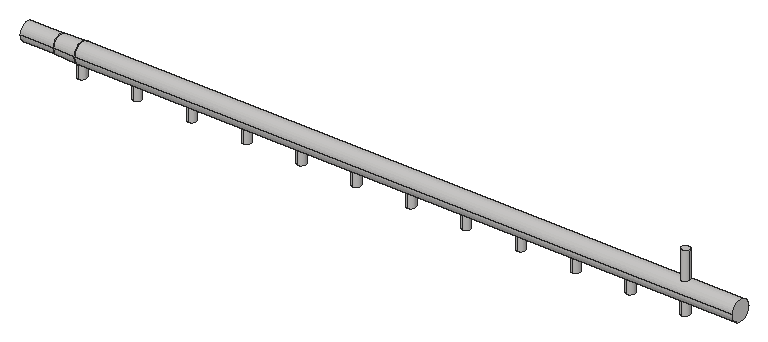
Revit family "BIMLIB_Коллектор_867_12_РОСТерм", category Оборудование, Revit 2017
Family settings
  Размер круглого соединителя = Использовать диаметр
  Тип детали = Нормальный
  На основе рабочей плоскости = Нет
  Всегда вертикально = Да
  При загрузке вырезать с полостями = Нет
  Общий = Нет
  Точка расчета площади = Нет
Parameters (values of type "Коллектор HEIZEN 867 для систем отопления сварной Ду32 на 12 выходов")
  РТ_Шаг = 100 mm
  РТ_l = 100 mm  # constant formula
  РТ_R1 = 18 mm
  РТ_R_низ = РТ_DN_низ / 2  # 7.5 mm
  РТ_DN3 = 15 mm  # constant formula
  Описание = "Коллекторы Heizen изготовлены из высококачественной латуни и нержавеющей стали, что исключает риск протечек. Коллекторы могут быть оснащены различными видами арматуры: ручными балансировочными клапанами,ручными запорными клапанами, термостатическими клапанами, расходомерами, воздухоотводчиками и дренажными кранами."
  РТ_DN_низ = 15 mm  # constant formula
  РТ_DN_бок = 32 mm
  Изготовитель = "РОСТерм"  # constant formula
  URL = "http://rostherm.ru/"
  RT_R2 = РТ_DN_бок / 2  # 16 mm
  BL_Разработано = "support@bimlib.ru"  # constant formula
  BL_Email = "rostherm@bimlib.ru"  # constant formula
  BL_BIM library = "https://bimlib.pro/manufacturer/rosterm/1632/"
  ADSK_Расход жидкости [instance] = 0.0 L/s
  ADSK_Примечание = ""
  ADSK_Позиция = ""
  ADSK_Обозначение = "ГОСТ 12.2.063-2015"  # constant formula
  ADSK_Наименование краткое = "HEIZEN 867 Ду32"
  ADSK_Наименование = "Коллектор HEIZEN 867 для систем отопления сварной Ду32 на 12 выходов"
  ADSK_Материал = BIMLIB_Нержавеющая_сталь_РОСТерм
  ADSK_Масса_Текст = ""
  ADSK_Масса = 0
  ADSK_Марка = "HEIZEN 867"  # constant formula
  ADSK_Код изделия = "867-32-10-12"
  ADSK_Завод-изготовитель = "Heizen"  # constant formula
  ADSK_Единица измерения = "шт."  # constant formula
  ADSK_Версия Revit = "2017"  # constant formula
  ADSK_URL страницы изделия = "http://rostherm.ru/kollektory/"
  ADSK_URL документации изделия = "http://rostherm.ru/"
Types (3, lengths in mm): name | РТ_R1 | РТ_DN_бок | RT_R2 | ADSK_Наименование краткое | ADSK_Наименование | ADSK_Код изделия
  Коллектор HEIZEN 867 для систем отопления сварной Ду50 на 12 выходов | 27 | 50 | 25 | "HEIZEN 867 Ду50" | "Коллектор HEIZEN 867 для систем отопления сварной Ду50 на 12 выходов" | "867-50-10-12"
  Коллектор HEIZEN 867 для систем отопления сварной Ду40 на 12 выходов | 22 | 40 | 20 | "HEIZEN 867 Ду40" | "Коллектор HEIZEN 867 для систем отопления сварной Ду40 на 12 выходов" | "867-40-10-12"
  Коллектор HEIZEN 867 для систем отопления сварной Ду32 на 12 выходов | 18 | 32 | 16 | "HEIZEN 867 Ду32" | "Коллектор HEIZEN 867 для систем отопления сварной Ду32 на 12 выходов" | "867-32-10-12"
Reference planes
  plane 1 "По центру (Вперед/Назад)": y = 0
  plane 2: z = 0
  plane 3 "По центру (Влево/Вправо)": x = 0
  plane 4: x = 100
  plane 5: x = 60
Forms (mm)
  Extrusion 1, solid, material "BIMLIB_Нержавеющая_сталь_РОСТерм" <- "ADSK_Материал", detail levels medium+fine
    sketch origin (65, 0, 0) x (0, 1, 0) y (0, 0, 1)
      loop
        circle (0, 0) r 18
    from 35 to 1235.372
  Sweep 2, solid, material "BIMLIB_Нержавеющая_сталь_РОСТерм" <- "ADSK_Материал", detail levels medium+fine
    path origin (65, 0, 7.5) x (1, 0, 0) y (0, 0, 1)
      loop
        line (35, -7.5) -> (35, -47.5)
    profile origin (100, 0, -20) x (0, -1, 0) y (1, 0, 0)
      loop
        circle (0, 0) r 7.5
  Blend 3, solid, material "BIMLIB_Нержавеющая_сталь_РОСТерм" <- "ADSK_Материал", detail levels medium+fine
    base sketch origin (50, 0, 0) x (0, 1, 0) y (0, 0, 1)
      loop
        circle (0, 0) r 18
    top sketch origin (50, 0, 0) x (0, 1, 0) y (0, 0, 1)
      loop
        circle (0, 0) r 16
    from 50 to 10
  Extrusion 4, solid, material "BIMLIB_Нержавеющая_сталь_РОСТерм" <- "ADSK_Материал", detail levels medium+fine
    sketch origin (50, 0, 0) x (0, 1, 0) y (0, 0, 1)
      loop
        circle (0, 0) r 16
    from -50 to 10
  Sweep 5, solid, material "BIMLIB_Нержавеющая_сталь_РОСТерм" <- "ADSK_Материал", detail levels medium+fine
    path origin (165, 0, 7.5) x (1, 0, 0) y (0, 0, 1)
      loop
        line (35, -7.5) -> (35, -47.5)
    profile origin (200, 0, -20) x (0, -1, 0) y (1, 0, 0)
      loop
        circle (0, 0) r 7.5
  Sweep 6, solid, material "BIMLIB_Нержавеющая_сталь_РОСТерм" <- "ADSK_Материал", detail levels medium+fine
    path origin (265, 0, 7.5) x (1, 0, 0) y (0, 0, 1)
      loop
        line (35, -7.5) -> (35, -47.5)
    profile origin (300, 0, -20) x (0, -1, 0) y (1, 0, 0)
      loop
        circle (0, 0) r 7.5
  Sweep 7, solid, material "BIMLIB_Нержавеющая_сталь_РОСТерм" <- "ADSK_Материал", detail levels medium+fine
    path origin (365, 0, 7.5) x (1, 0, 0) y (0, 0, 1)
      loop
        line (35, -7.5) -> (35, -47.5)
    profile origin (400, 0, -20) x (0, -1, 0) y (1, 0, 0)
      loop
        circle (0, 0) r 7.5
  Sweep 8, solid, material "BIMLIB_Нержавеющая_сталь_РОСТерм" <- "ADSK_Материал", detail levels medium+fine
    path origin (465, 0, 7.5) x (1, 0, 0) y (0, 0, 1)
      loop
        line (35, -7.5) -> (35, -47.5)
    profile origin (500, 0, -20) x (0, -1, 0) y (1, 0, 0)
      loop
        circle (0, 0) r 7.5
  Sweep 9, solid, material "BIMLIB_Нержавеющая_сталь_РОСТерм" <- "ADSK_Материал", detail levels medium+fine
    path origin (565, 0, 7.5) x (1, 0, 0) y (0, 0, 1)
      loop
        line (35, -7.5) -> (35, -47.5)
    profile origin (600, 0, -20) x (0, -1, 0) y (1, 0, 0)
      loop
        circle (0, 0) r 7.5
  Sweep 10, solid, material "BIMLIB_Нержавеющая_сталь_РОСТерм" <- "ADSK_Материал", detail levels medium+fine
    path origin (665, 0, 7.5) x (1, 0, 0) y (0, 0, 1)
      loop
        line (35, -7.5) -> (35, -47.5)
    profile origin (700, 0, -20) x (0, -1, 0) y (1, 0, 0)
      loop
        circle (0, 0) r 7.5
  Sweep 11, solid, material "BIMLIB_Нержавеющая_сталь_РОСТерм" <- "ADSK_Материал", detail levels medium+fine
    path origin (765, 0, 7.5) x (1, 0, 0) y (0, 0, 1)
      loop
        line (35, -7.5) -> (35, -47.5)
    profile origin (800, 0, -20) x (0, -1, 0) y (1, 0, 0)
      loop
        circle (0, 0) r 7.5
  Sweep 12, solid, material "BIMLIB_Нержавеющая_сталь_РОСТерм" <- "ADSK_Материал", detail levels medium+fine
    path origin (865, 0, 7.5) x (1, 0, 0) y (0, 0, 1)
      loop
        line (35, -7.5) -> (35, -47.5)
    profile origin (900, 0, -20) x (0, -1, 0) y (1, 0, 0)
      loop
        circle (0, 0) r 7.5
  Sweep 13, solid, material "BIMLIB_Нержавеющая_сталь_РОСТерм" <- "ADSK_Материал", detail levels medium+fine
    path origin (965, 0, 7.5) x (1, 0, 0) y (0, 0, 1)
      loop
        line (35, -7.5) -> (35, -47.5)
    profile origin (1000, 0, -20) x (0, -1, 0) y (1, 0, 0)
      loop
        circle (0, 0) r 7.5
  Sweep 14, solid, material "BIMLIB_Нержавеющая_сталь_РОСТерм" <- "ADSK_Материал", detail levels medium+fine
    path origin (1065, 0, 7.5) x (1, 0, 0) y (0, 0, 1)
      loop
        line (35, -7.5) -> (35, -47.5)
    profile origin (1100, 0, -20) x (0, -1, 0) y (1, 0, 0)
      loop
        circle (0, 0) r 7.5
  Sweep 15, solid, material "BIMLIB_Нержавеющая_сталь_РОСТерм" <- "ADSK_Материал", detail levels medium+fine
    path origin (1165, 0, 7.5) x (1, 0, 0) y (0, 0, 1)
      loop
        line (35, -7.5) -> (35, -47.5)
    profile origin (1200, 0, -20) x (0, -1, 0) y (1, 0, 0)
      loop
        circle (0, 0) r 7.5
  Extrusion 16, solid, material "BIMLIB_Нержавеющая_сталь_РОСТерм" <- "ADSK_Материал", detail levels medium+fine
    sketch origin (0, 0, 0) x (1, 0, 0) y (0, 1, 0)
      loop
        circle (1200.496, 0) r 7.5
    from 0 to 66.288
Cuts and joins
  joined: Extrusion 1, Extrusion 16
Lines and regions (mm)
  model lines, detail levels coarse
    curve 1: line (0, 0, 0) -> (1235, 0, 0)
    curve 2: line (100, 0, 0) -> (100, 0, -40)
    curve 3: line (200, 0, 0) -> (200, 0, -40)
    curve 4: line (300, 0, 0) -> (300, 0, -40)
    curve 5: line (400, 0, 0) -> (400, 0, -40)
    curve 6: line (500, 0, 0) -> (500, 0, -40)
    curve 7: line (600, 0, 0) -> (600, 0, -40)
    curve 8: line (700, 0, 0) -> (700, 0, -40)
    curve 9: line (800, 0, 0) -> (800, 0, -40)
    curve 10: line (900, 0, 0) -> (900, 0, -40)
    curve 11: line (1000, 0, 0) -> (1000, 0, -40)
    curve 12: line (1100, 0, 0) -> (1100, 0, -40)
    curve 13: line (1200, 0, 0) -> (1200, 0, -40)
Dimensions and locks
  "РТ_l": plane 4 to plane 3 "По центру (Влево/Вправо)"
  Sweep 2 sketch curve to Sweep 2 sketch curve = 40 mm
  locked: plane 4 to plane 5 at 40
  Sweep 5 sketch curve to Sweep 5 sketch curve = 40 mm
  equal spacing: group 1, group 13, group 14, group 15, group 16, group 17, group 18, group 19, group 20, group 21, group 22, group 23  (x3)
  Sweep 6 sketch curve to Sweep 6 sketch curve = 40 mm
  Sweep 7 sketch curve to Sweep 7 sketch curve = 40 mm
  Sweep 8 sketch curve to Sweep 8 sketch curve = 40 mm
  Sweep 9 sketch curve to Sweep 9 sketch curve = 40 mm
  Sweep 10 sketch curve to Sweep 10 sketch curve = 40 mm
  Sweep 11 sketch curve to Sweep 11 sketch curve = 40 mm
  Sweep 12 sketch curve to Sweep 12 sketch curve = 40 mm
  Sweep 13 sketch curve to Sweep 13 sketch curve = 40 mm
  Sweep 14 sketch curve to Sweep 14 sketch curve = 40 mm
  Sweep 15 sketch curve to Sweep 15 sketch curve = 40 mm
  "РТ_R1": radius of Extrusion 1 sketch curve
  "РТ_R_низ": radius of Sweep 2 sketch curve
  "РТ_R1": radius of Blend 3 sketch curve
  "RT_R2": radius of Blend 3 sketch curve
  "RT_R2": radius of Extrusion 4 sketch curve
  "РТ_R_низ": radius of Sweep 5 sketch curve
  "РТ_R_низ": radius of Sweep 6 sketch curve
  "РТ_R_низ": radius of Sweep 7 sketch curve
  "РТ_R_низ": radius of Sweep 8 sketch curve
  "РТ_R_низ": radius of Sweep 9 sketch curve
  "РТ_R_низ": radius of Sweep 10 sketch curve
  "РТ_R_низ": radius of Sweep 11 sketch curve
  "РТ_R_низ": radius of Sweep 12 sketch curve
  "РТ_R_низ": radius of Sweep 13 sketch curve
  "РТ_R_низ": radius of Sweep 14 sketch curve
  "РТ_R_низ": radius of Sweep 15 sketch curve
  "РТ_R_низ": radius of Extrusion 16 sketch curve
  aligned and locked: level to plane 2
  aligned and locked: plane 4 to Sweep 2
  aligned and locked: Blend 3 to plane 5
  aligned and locked: Extrusion 4 to plane 3 "По центру (Влево/Вправо)"
  aligned and locked: Extrusion 4 to Blend 3
Automatic sketch dimensions
  Sweep 2 sketch curve to profile plane = 0 mm
  profile plane to Sweep 2 sketch curve = 0 mm
  curve 1 to plane 3 "По центру (Влево/Вправо)" = 0 mm
  Extrusion 1 sketch curve to level = 0 mm
  Extrusion 1 sketch curve to plane 1 "По центру (Вперед/Назад)" = 0 mm
  Blend 3 sketch curve to level = 0 mm  (x2)
  Blend 3 sketch curve to plane 1 "По центру (Вперед/Назад)" = 0 mm  (x2)
  Extrusion 4 sketch curve to level = 0 mm
  Extrusion 4 sketch curve to plane 1 "По центру (Вперед/Назад)" = 0 mm
  curve 3 to level = 0 mm
  plane 4 to curve 3 = 100 mm
  curve 3 to level = 40 mm
  curve 3 to curve 1 = 1035 mm
  Sweep 5 sketch curve to profile plane = 0 mm
  profile plane to Sweep 5 sketch curve = 0 mm
  Sweep 6 sketch curve to profile plane = 0 mm
  profile plane to Sweep 6 sketch curve = 0 mm
  Sweep 7 sketch curve to profile plane = 0 mm
  profile plane to Sweep 7 sketch curve = 0 mm
  Sweep 8 sketch curve to profile plane = 0 mm
  profile plane to Sweep 8 sketch curve = 0 mm
  Sweep 9 sketch curve to profile plane = 0 mm
  profile plane to Sweep 9 sketch curve = 0 mm
  Sweep 10 sketch curve to profile plane = 0 mm
  profile plane to Sweep 10 sketch curve = 0 mm
  Sweep 11 sketch curve to profile plane = 0 mm
  profile plane to Sweep 11 sketch curve = 0 mm
  Sweep 12 sketch curve to profile plane = 0 mm
  profile plane to Sweep 12 sketch curve = 0 mm
  Sweep 13 sketch curve to profile plane = 0 mm
  profile plane to Sweep 13 sketch curve = 0 mm
  Sweep 14 sketch curve to profile plane = 0 mm
  profile plane to Sweep 14 sketch curve = 0 mm
  Sweep 15 sketch curve to profile plane = 0 mm
  profile plane to Sweep 15 sketch curve = 0 mm
  plane 1 "По центру (Вперед/Назад)" to Extrusion 16 sketch curve = 0 mm
  plane 4 to Extrusion 16 sketch curve = 1100.496 mm
Connectors
  piping at (100, 0, -40), diameter 15, driven by "РТ_DN_низ", driven by "ADSK_Расход жидкости"
    settings: on Sweep 2, index 3, connector inside diameter 609.6 mm, connector length 0 mm, flow factor 0, pipe flow 0.0 L/s, pressure drop 0.0 Pa, fitting loss kfactor 0, connector angle 0.00°, fixture units 0, engagement length 0 mm, angle of deflection 0.00°, flow configuration 0, flow direction 2, fitting loss method 0, system type 7, joint type 0, gender type 0, connector reference index -1, connector utility 0, adjustable connector no, is connector primary yes, connector description ""
  piping at (0, 0, 0), diameter 32, driven by "ADSK_Расход жидкости", driven by "РТ_DN_бок"
    settings: on Extrusion 4, index 38, connector inside diameter 609.6 mm, connector length 0 mm, flow factor 0, pipe flow 0.0 L/s, pressure drop 0.0 Pa, fitting loss kfactor 0, connector angle 0.00°, fixture units 0, engagement length 0 mm, angle of deflection 0.00°, flow configuration 0, flow direction 1, fitting loss method 0, system type 7, joint type 0, gender type 0, connector reference index -1, connector utility 0, adjustable connector no, is connector primary no, connector description ""
  piping at (200, 0, -40), diameter 15, driven by "РТ_DN_низ", driven by "ADSK_Расход жидкости"
    settings: on Sweep 5, index 39, connector inside diameter 609.6 mm, connector length 0 mm, flow factor 0, pipe flow 0.0 L/s, pressure drop 0.0 Pa, fitting loss kfactor 0, connector angle 0.00°, fixture units 0, engagement length 0 mm, angle of deflection 0.00°, flow configuration 0, flow direction 2, fitting loss method 0, system type 7, joint type 0, gender type 0, connector reference index -1, connector utility 0, adjustable connector no, is connector primary no, connector description ""
  piping at (300, 0, -40), diameter 15, driven by "РТ_DN_низ", driven by "ADSK_Расход жидкости"
    settings: on Sweep 6, index 40, connector inside diameter 609.6 mm, connector length 0 mm, flow factor 0, pipe flow 0.0 L/s, pressure drop 0.0 Pa, fitting loss kfactor 0, connector angle 0.00°, fixture units 0, engagement length 0 mm, angle of deflection 0.00°, flow configuration 0, flow direction 2, fitting loss method 0, system type 7, joint type 0, gender type 0, connector reference index -1, connector utility 0, adjustable connector no, is connector primary no, connector description ""
  piping at (400, 0, -40), diameter 15, driven by "РТ_DN_низ", driven by "ADSK_Расход жидкости"
    settings: on Sweep 7, index 41, connector inside diameter 609.6 mm, connector length 0 mm, flow factor 0, pipe flow 0.0 L/s, pressure drop 0.0 Pa, fitting loss kfactor 0, connector angle 0.00°, fixture units 0, engagement length 0 mm, angle of deflection 0.00°, flow configuration 0, flow direction 2, fitting loss method 0, system type 7, joint type 0, gender type 0, connector reference index -1, connector utility 0, adjustable connector no, is connector primary no, connector description ""
  piping at (500, 0, -40), diameter 15, driven by "РТ_DN_низ", driven by "ADSK_Расход жидкости"
    settings: on Sweep 8, index 42, connector inside diameter 609.6 mm, connector length 0 mm, flow factor 0, pipe flow 0.0 L/s, pressure drop 0.0 Pa, fitting loss kfactor 0, connector angle 0.00°, fixture units 0, engagement length 0 mm, angle of deflection 0.00°, flow configuration 0, flow direction 2, fitting loss method 0, system type 7, joint type 0, gender type 0, connector reference index -1, connector utility 0, adjustable connector no, is connector primary no, connector description ""
  piping at (600, 0, -40), diameter 15, driven by "РТ_DN_низ", driven by "ADSK_Расход жидкости"
    settings: on Sweep 9, index 43, connector inside diameter 609.6 mm, connector length 0 mm, flow factor 0, pipe flow 0.0 L/s, pressure drop 0.0 Pa, fitting loss kfactor 0, connector angle 0.00°, fixture units 0, engagement length 0 mm, angle of deflection 0.00°, flow configuration 0, flow direction 2, fitting loss method 0, system type 7, joint type 0, gender type 0, connector reference index -1, connector utility 0, adjustable connector no, is connector primary no, connector description ""
  piping at (700, 0, -40), diameter 15, driven by "РТ_DN_низ", driven by "ADSK_Расход жидкости"
    settings: on Sweep 10, index 44, connector inside diameter 609.6 mm, connector length 0 mm, flow factor 0, pipe flow 0.0 L/s, pressure drop 0.0 Pa, fitting loss kfactor 0, connector angle 0.00°, fixture units 0, engagement length 0 mm, angle of deflection 0.00°, flow configuration 0, flow direction 2, fitting loss method 0, system type 7, joint type 0, gender type 0, connector reference index -1, connector utility 0, adjustable connector no, is connector primary no, connector description ""
  piping at (800, 0, -40), diameter 15, driven by "РТ_DN_низ", driven by "ADSK_Расход жидкости"
    settings: on Sweep 11, index 45, connector inside diameter 609.6 mm, connector length 0 mm, flow factor 0, pipe flow 0.0 L/s, pressure drop 0.0 Pa, fitting loss kfactor 0, connector angle 0.00°, fixture units 0, engagement length 0 mm, angle of deflection 0.00°, flow configuration 0, flow direction 2, fitting loss method 0, system type 7, joint type 0, gender type 0, connector reference index -1, connector utility 0, adjustable connector no, is connector primary no, connector description ""
  piping at (900, 0, -40), diameter 15, driven by "РТ_DN_низ", driven by "ADSK_Расход жидкости"
    settings: on Sweep 12, index 46, connector inside diameter 609.6 mm, connector length 0 mm, flow factor 0, pipe flow 0.0 L/s, pressure drop 0.0 Pa, fitting loss kfactor 0, connector angle 0.00°, fixture units 0, engagement length 0 mm, angle of deflection 0.00°, flow configuration 0, flow direction 2, fitting loss method 0, system type 7, joint type 0, gender type 0, connector reference index -1, connector utility 0, adjustable connector no, is connector primary no, connector description ""
  piping at (1000, 0, -40), diameter 15, driven by "РТ_DN_низ", driven by "ADSK_Расход жидкости"
    settings: on Sweep 13, index 47, connector inside diameter 609.6 mm, connector length 0 mm, flow factor 0, pipe flow 0.0 L/s, pressure drop 0.0 Pa, fitting loss kfactor 0, connector angle 0.00°, fixture units 0, engagement length 0 mm, angle of deflection 0.00°, flow configuration 0, flow direction 2, fitting loss method 0, system type 7, joint type 0, gender type 0, connector reference index -1, connector utility 0, adjustable connector no, is connector primary no, connector description ""
  piping at (1100, 0, -40), diameter 15, driven by "РТ_DN_низ", driven by "ADSK_Расход жидкости"
    settings: on Sweep 14, index 48, connector inside diameter 609.6 mm, connector length 0 mm, flow factor 0, pipe flow 0.0 L/s, pressure drop 0.0 Pa, fitting loss kfactor 0, connector angle 0.00°, fixture units 0, engagement length 0 mm, angle of deflection 0.00°, flow configuration 0, flow direction 2, fitting loss method 0, system type 7, joint type 0, gender type 0, connector reference index -1, connector utility 0, adjustable connector no, is connector primary no, connector description ""
  piping at (1200, 0, -40), diameter 15, driven by "РТ_DN_низ", driven by "ADSK_Расход жидкости"
    settings: on Sweep 15, index 49, connector inside diameter 609.6 mm, connector length 0 mm, flow factor 0, pipe flow 0.0 L/s, pressure drop 0.0 Pa, fitting loss kfactor 0, connector angle 0.00°, fixture units 0, engagement length 0 mm, angle of deflection 0.00°, flow configuration 0, flow direction 2, fitting loss method 0, system type 7, joint type 0, gender type 0, connector reference index -1, connector utility 0, adjustable connector no, is connector primary no, connector description ""
  piping at (1200.496, 0, 66.288), diameter 15, driven by "РТ_DN3", driven by "ADSK_Расход жидкости"
    settings: on cut or joined group of Extrusion 1, Extrusion 16, index 50, connector inside diameter 609.6 mm, connector length 0 mm, flow factor 0, pipe flow 0.0 L/s, pressure drop 0.0 Pa, fitting loss kfactor 0, connector angle 0.00°, fixture units 0, engagement length 0 mm, angle of deflection 0.00°, flow configuration 0, flow direction 0, fitting loss method 0, system type 29, joint type 0, gender type 0, connector reference index -1, connector utility 0, adjustable connector no, is connector primary no, connector description ""
